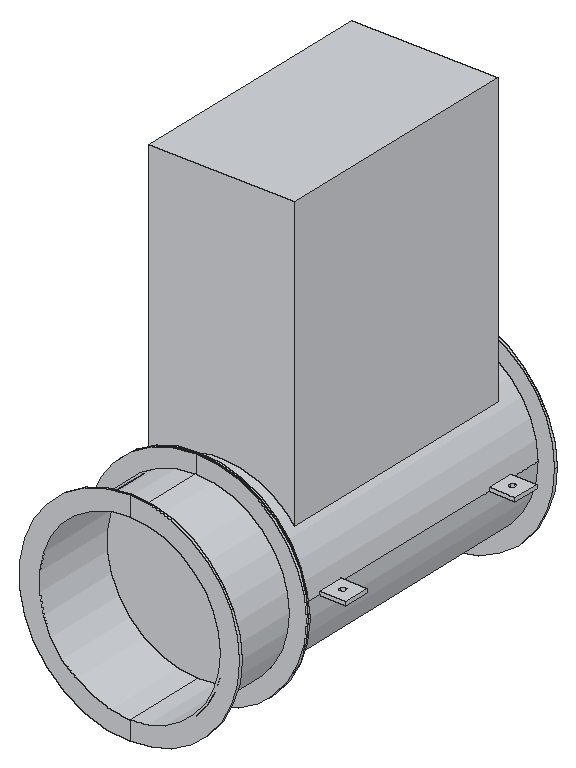
Revit family "AFBV-H_Horizontal_Ceiling_Mount", category Mechanical Equipment, Revit 2019
Family settings
  Round Connector Dimension = Use Radius
  Part Type = Normal
  Work Plane-Based = No
  Always vertical = Yes
  Cut with Voids When Loaded = No
  Shared = No
  Room Calculation Point = No
Parameters (values of type "12_AFBV-H_HOR_CEILING")
  VANE = 0' - 6"
  Unit Weight [instance] = ""
  ModelID [instance] = ""
  M/2 = M / 2  # 0' - 0 7/32"
  M = 0' - 0 7/16"
  L = 0' - 3 1/2"
  K/2 = K / 2  # 0' - 7 1/2"
  K = 1' - 3"
  J/2 = J / 2  # 0' - 7 1/2"
  J = 1' - 3"
  CENTER = 0' - 0"  # constant formula
  H-(A/2) = H - (A / 2)  # 1' - 6 3/16"
  H+J = H + CENTER  # 2' - 0 5/8"
  H = 2' - 0 5/8"
  Sones [instance] = ""
  Motor RPM [instance] = ""
  Motor Enclosure [instance] = ""
  LwA [instance] = ""
  G = 6' - 0"
  Fan RPM [instance] = ""
  F/2 = F / 2  # 0' - 0 5/32"
  F = 0' - 0 5/16"
  E/2 = E / 2  # 0' - 11"
  E-2" = E - 0' 2"  # 1' - 8"
  E = 1' - 10"
  C/2+J = C / 2 + CENTER  # 0' - 7 5/16"
  C/2 = C / 2  # 0' - 7 5/16"
  C = 1' - 2 5/8"
  B/2 = B / 2  # 0' - 7 13/16"
  B = 1' - 3 5/8"
  Accessories [instance] = ""
  A/3 = A / 2.5  # 0' - 5.15"
  A/2 = A / 2  # 0' - 6 7/16"
  A = 1' - 0 7/8"
  60 = 60.00°  # constant formula
  30 = 30.00°  # constant formula
  3" = 0' - 3"  # constant formula
  Brake Hp [instance] = ""
  4" = 0' - 4"  # constant formula
  2' = 2' - 0"
  2" = 0' - 2"  # constant formula
  1" = 0' - 1"  # constant formula
  0 = 0' - 0"  # constant formula
  Voltage [instance] = 0 V
  URL = "www.lorencook.com"
  Type Comments = "Tube Axial Fan Horizontal Ceiling Mount High Temperature Construction Belt Drive Arrangement 9"  # constant formula
  Static Pressure [instance] = 0.00 in-wg
  Power [instance] = Voltage * Motor FLA * sqrt(if(Phase = 3, 3, 1))  # 0 VA
  Phase [instance] = 0
  Number of Poles [instance] = 1
  Motor Hp [instance] = "0"
  Motor FLA [instance] = 0 A
  Model = "AFBV-H"  # constant formula
  Manufacturer = "Loren Cook Company"
  CFM [instance] = 0 CFM
  1.5 = 0' - 1 1/2"  # constant formula
  ONE EIGTH = 0' - 0 1/8"  # constant formula
  -E/2 = -E / 2  # -0' - 11"
  -(E-.25")/2 = -(E - 0' 0 1/4") / 2  # -0' - 10 7/8"
  (K/2)-((J-A-.25")/2) = (K / 2) - ((J - A - 0' 0 1/4") / 2)  # 0' - 6 9/16"
  (J-A-.25") = (J - A - 0' 0 1/4")  # 0' - 1 7/8"
  (H-(A/2))/2 = (H - (A / 2)) / 2  # 0' - 9 3/32"
  (E-.25")/2 = (E - 0' 0 1/4") / 2  # 0' - 10 7/8"
  (A+.25")/2 = (A + 0' 0 1/4") / 2  # 0' - 6 9/16"
Types (10): name | VANE | M/2 | M | L | K/2 | K | J/2 | J | H-(A/2) | H+J | H | F/2 | F | E/2 | E-2" | E | C/2+J | C/2 | C | B/2 | B | A/3 | A/2 | A | -E/2 | -(E-.25")/2 | (K/2)-((J-A-.25")/2) | (J-A-.25") | (H-(A/2))/2 | (E-.25")/2 | (A+.25")/2
  (no name) | 0' - 6" | 0' - 0 7/32" | 0' - 0 7/16" | 0' - 3 1/2" | 0' - 7 1/2" | 1' - 3" | 0' - 7 1/2" | 1' - 3" | 1' - 6 3/16" | 2' - 0 5/8" | 2' - 0 5/8" | 0' - 0 5/32" | 0' - 0 5/16" | 0' - 11" | 1' - 8" | 1' - 10" | 0' - 7 5/16" | 0' - 7 5/16" | 1' - 2 5/8" | 0' - 7 13/16" | 1' - 3 5/8" | 0' - 5.15" | 0' - 6 7/16" | 1' - 0 7/8" | -0' - 11" | -0' - 10 7/8" | 0' - 6 9/16" | 0' - 1 7/8" | 0' - 9 3/32" | 0' - 10 7/8" | 0' - 6 9/16"
  12_AFBV-H_HOR_CEILING | 0' - 6" | 0' - 0 7/32" | 0' - 0 7/16" | 0' - 3 1/2" | 0' - 7 1/2" | 1' - 3" | 0' - 7 1/2" | 1' - 3" | 1' - 6 3/16" | 2' - 0 5/8" | 2' - 0 5/8" | 0' - 0 5/32" | 0' - 0 5/16" | 0' - 11" | 1' - 8" | 1' - 10" | 0' - 7 5/16" | 0' - 7 5/16" | 1' - 2 5/8" | 0' - 7 13/16" | 1' - 3 5/8" | 0' - 5.15" | 0' - 6 7/16" | 1' - 0 7/8" | -0' - 11" | -0' - 10 7/8" | 0' - 6 9/16" | 0' - 1 7/8" | 0' - 9 3/32" | 0' - 10 7/8" | 0' - 6 9/16"
  16_AFBV-H_HOR_CEILING | 0' - 10" | 0' - 0 7/32" | 0' - 0 7/16" | 0' - 3 1/2" | 0' - 9" | 1' - 6" | 0' - 9 1/2" | 1' - 7" | 1' - 9 11/16" | 2' - 6 1/8" | 2' - 6 1/8" | 0' - 0 5/32" | 0' - 0 5/16" | 1' - 0 1/2" | 1' - 11" | 2' - 1" | 0' - 9 5/16" | 0' - 9 5/16" | 1' - 6 5/8" | 0' - 9 13/16" | 1' - 7 5/8" | 0' - 6 3/4" | 0' - 8 7/16" | 1' - 4 7/8" | -1' - 0 1/2" | -1' - 0 3/8" | 0' - 8 1/16" | 0' - 1 7/8" | 0' - 10 27/32" | 1' - 0 3/8" | 0' - 8 9/16"
  18_AFBV-H_HOR_CEILING | 0' - 11" | 0' - 0 7/32" | 0' - 0 7/16" | 0' - 3 1/2" | 0' - 9" | 1' - 6" | 0' - 10 1/2" | 1' - 9" | 1' - 9 11/16" | 2' - 7 1/8" | 2' - 7 1/8" | 0' - 0 5/32" | 0' - 0 5/16" | 1' - 0 1/2" | 1' - 11" | 2' - 1" | 0' - 10 5/16" | 0' - 10 5/16" | 1' - 8 5/8" | 0' - 10 13/16" | 1' - 9 5/8" | 0' - 7.55" | 0' - 9 7/16" | 1' - 6 7/8" | -1' - 0 1/2" | -1' - 0 3/8" | 0' - 8 1/16" | 0' - 1 7/8" | 0' - 10 27/32" | 1' - 0 3/8" | 0' - 9 9/16"
  24_AFBV-H_HOR_CEILING | 1' - 1" | 0' - 0 7/32" | 0' - 0 7/16" | 0' - 3 1/2" | 0' - 11 1/2" | 1' - 11" | 1' - 1 1/2" | 2' - 3" | 2' - 3 7/16" | 3' - 3 7/8" | 3' - 3 7/8" | 0' - 0 7/32" | 0' - 0 7/16" | 1' - 3 1/2" | 2' - 5" | 2' - 7" | 1' - 1 7/16" | 1' - 1 7/16" | 2' - 2 7/8" | 1' - 2 9/16" | 2' - 5 1/8" | 0' - 9.95" | 1' - 0 7/16" | 2' - 0 7/8" | -1' - 3 1/2" | -1' - 3 3/8" | 0' - 10 9/16" | 0' - 1 7/8" | 1' - 1 23/32" | 1' - 3 3/8" | 1' - 0 9/16"
  28_AFBV-H_HOR_CEILING | 1' - 1" | 0' - 0 7/32" | 0' - 0 7/16" | 0' - 4" | 0' - 11 1/2" | 1' - 11" | 1' - 3 1/2" | 2' - 7" | 2' - 3 7/16" | 3' - 5 7/8" | 3' - 5 7/8" | 0' - 0 7/32" | 0' - 0 7/16" | 1' - 3 1/2" | 2' - 5" | 2' - 7" | 1' - 3 7/16" | 1' - 3 7/16" | 2' - 6 7/8" | 1' - 4 9/16" | 2' - 9 1/8" | 0' - 11.55" | 1' - 2 7/16" | 2' - 4 7/8" | -1' - 3 1/2" | -1' - 3 3/8" | 0' - 10 9/16" | 0' - 1 7/8" | 1' - 1 23/32" | 1' - 3 3/8" | 1' - 2 9/16"
  32_AFBV-H_HOR_CEILING | 1' - 3" | 0' - 0 11/32" | 0' - 0 11/16" | 0' - 4 1/4" | 1' - 0 3/4" | 2' - 1 1/2" | 1' - 5 3/4" | 2' - 11 1/2" | 2' - 4 3/4" | 3' - 9 1/4" | 3' - 9 1/4" | 0' - 0 7/32" | 0' - 0 7/16" | 1' - 5" | 2' - 8" | 2' - 10" | 1' - 5 1/2" | 1' - 5 1/2" | 2' - 11" | 1' - 6 5/8" | 3' - 1 1/4" | 1' - 1.2" | 1' - 4 1/2" | 2' - 9" | -1' - 5" | -1' - 4 7/8" | 0' - 11 5/8" | 0' - 2 1/4" | 1' - 2 3/8" | 1' - 4 7/8" | 1' - 4 5/8"
  36_AFBV-H_HOR_CEILING | 1' - 4" | 0' - 0 11/32" | 0' - 0 11/16" | 0' - 4 1/4" | 1' - 0 3/4" | 2' - 1 1/2" | 1' - 7 9/16" | 3' - 3 1/8" | 2' - 4 3/4" | 3' - 11 1/4" | 3' - 11 1/4" | 0' - 0 7/32" | 0' - 0 7/16" | 1' - 5" | 2' - 8" | 2' - 10" | 1' - 7 1/2" | 1' - 7 1/2" | 3' - 3" | 1' - 8 11/16" | 3' - 5 3/8" | 1' - 2.8" | 1' - 6 1/2" | 3' - 1" | -1' - 5" | -1' - 4 7/8" | 0' - 11 13/16" | 0' - 1 7/8" | 1' - 2 3/8" | 1' - 4 7/8" | 1' - 6 5/8"
  14_AFBV-H_HOR_CEILING | 0' - 8" | 0' - 0 7/32" | 0' - 0 7/16" | 0' - 3 1/2" | 0' - 7 1/2" | 1' - 3" | 0' - 8 1/2" | 1' - 5" | 1' - 6 3/16" | 2' - 1 5/8" | 2' - 1 5/8" | 0' - 0 5/32" | 0' - 0 5/16" | 0' - 11" | 1' - 8" | 1' - 10" | 0' - 8 5/16" | 0' - 8 5/16" | 1' - 4 5/8" | 0' - 8 13/16" | 1' - 5 5/8" | 0' - 5.95" | 0' - 7 7/16" | 1' - 2 7/8" | -0' - 11" | -0' - 10 7/8" | 0' - 6 9/16" | 0' - 1 7/8" | 0' - 9 3/32" | 0' - 10 7/8" | 0' - 7 9/16"
  20_AFBV-H_HOR_CEILING | 1' - 0" | 0' - 0 7/32" | 0' - 0 7/16" | 0' - 3 1/2" | 1' - 0" | 2' - 0" | 0' - 11 1/2" | 1' - 11" | 1' - 9 11/16" | 2' - 8 1/8" | 2' - 8 1/8" | 0' - 0 7/32" | 0' - 0 7/16" | 1' - 3 1/2" | 2' - 5" | 2' - 7" | 0' - 11 3/16" | 0' - 11 3/16" | 1' - 10 3/8" | 0' - 11 13/16" | 1' - 11 5/8" | 0' - 8.35" | 0' - 10 7/16" | 1' - 8 7/8" | -1' - 3 1/2" | -1' - 3 3/8" | 0' - 11 1/16" | 0' - 1 7/8" | 0' - 10 27/32" | 1' - 3 3/8" | 0' - 10 9/16"
Reference planes (in)
  plane 1 "Center (Front/Back)": y = 0
  plane 2: z = 0
  plane 3 "Center (Left/Right)": x = 0.40541
Forms (in)
  Extrusion 1, solid
    sketch origin (0, 0, 0) x (1, 0, 0) y (0, 0, 1)
      loop
        circle (0.40541, 0) r 7.8125
    from 11 <- "E/2" to -11 <- "-E/2"
  Extrusion 2, void
    sketch origin (0, 0, 0) x (1, 0, 0) y (0, 0, 1)
      loop
        circle (0.40541, 0) r 7.8125
      loop
        circle (0.40541, 0) r 6.5625
    from 10.875 <- "(E-.25")/2" to -10.875 <- "-(E-.25")/2"
  Extrusion 3, solid
    sketch origin (0, -10.875, 0) x (-1, 0, 0) y (0, 0, 1)
      loop
        line (4.74459, 4.06742) -> (4.74459, 24.625) -> (-5.55541, 24.625) -> (-5.55541, 4.06742)
        arc (-5.55541, 4.06742) -> (-0.40541, 6.5625) -> (4.74459, 4.06742) r 6.5625
    from 2 to 20 <- "E-2""
  Extrusion 4, solid
    sketch origin (0, 0, 0) x (1, 0, 0) y (0, 1, 0)
      loop
        line (6.96791, 8.4375) -> (6.96791, 6.5625) -> (8.84291, 6.5625) -> (8.84291, 8.4375) -> (6.96791, 8.4375)
      loop
        line (6.96791, -8.4375) -> (8.84291, -8.4375) -> (8.84291, -6.5625) -> (6.96791, -6.5625) -> (6.96791, -8.4375)
      loop
        line (-6.15709, -8.4375) -> (-6.15709, -6.5625) -> (-8.03209, -6.5625) -> (-8.03209, -8.4375) -> (-6.15709, -8.4375)
      loop
        line (-6.15709, 8.4375) -> (-8.03209, 8.4375) -> (-8.03209, 6.5625) -> (-6.15709, 6.5625) -> (-6.15709, 8.4375)
    from 0 to 0.25
  Extrusion 5, void
    sketch origin (0, 0, 0) x (1, 0, 0) y (0, 1, 0)
      loop
        circle (7.90541, 7.5) r 0.21875
      loop
        circle (-7.09459, 7.5) r 0.21875
      loop
        circle (-7.09459, -7.5) r 0.21875
      loop
        circle (7.90541, -7.5) r 0.21875
    from 0 to 0.25
  Revolve 6, solid
    sketch origin (0.40541, 0, 0) x (0, 1, 0) y (0, 0, 1)
      loop
        line (-11, 7.8125) -> (-11.125, 7.8125) -> (-11.125, 6.5625) -> (-16.875, 6.5625) -> (-16.875, 7.8125) -> (-17, 7.8125) -> (-17, 6.4375) -> (-11, 6.4375) -> (-11, 7.8125)
      axis (-17, 0) -> (-11, 0)
    angle from 0 to 360
Cuts and joins
  Extrusion 2, Extrusion 5 cuts Extrusion 1
  Extrusion 5 cuts Extrusion 4
Dimensions and locks (in)
  "0": Extrusion 1 sketch curve to plane 3 "Center (Left/Right)"
  "CENTER": Extrusion 1 sketch curve to level
  "0": Extrusion 2 sketch curve to plane 3 "Center (Left/Right)"  (x2)
  "CENTER": Extrusion 2 sketch curve to level  (x2)
  "0": Extrusion 3 sketch curve to plane 3 "Center (Left/Right)"
  "CENTER": Extrusion 3 sketch curve to level
  "H+J": Extrusion 3 sketch curve to level
  "A/3": plane 3 "Center (Left/Right)" to Extrusion 3 sketch curve  (x2)
  "(J-A-.25")": Extrusion 4 sketch curve to Extrusion 4 sketch curve  (x8)
  "(A+.25")/2": plane 3 "Center (Left/Right)" to Extrusion 4 sketch curve  (x4)
  "(K/2)-((J-A-.25")/2)": plane 1 "Center (Front/Back)" to Extrusion 4 sketch curve  (x4)
  "J/2": plane 3 "Center (Left/Right)" to Extrusion 5 sketch curve  (x4)
  "K/2": plane 1 "Center (Front/Back)" to Extrusion 5 sketch curve  (x4)
  "0": Revolve 6 sketch curve to level
  "(A+.25")/2": Revolve 6 sketch curve to level
  "B/2": Revolve 6 sketch curve to level  (x2)
  "VANE": Revolve 6 sketch curve to Revolve 6 sketch curve
  "0": cut or joined group of Extrusion 1, Extrusion 2, Extrusion 5 to Revolve 6 sketch curve
  "ONE EIGTH": Revolve 6 sketch curve to Revolve 6 sketch curve  (x3)
  "B/2": radius of Extrusion 1 sketch curve
  "(A+.25")/2": radius of Extrusion 2 sketch curve
  "B/2": radius of Extrusion 2 sketch curve
  "(A+.25")/2": radius of Extrusion 3 sketch curve
  "M/2": radius of Extrusion 5 sketch curve  (x4)
Automatic sketch dimensions
  Extrusion 3 sketch curve to Extrusion 3 sketch curve = 0' - 0"
  plane 1 "Center (Front/Back)" to Revolve 6 sketch curve = 0' - 6 29/64"
  Revolve 6 sketch curve to plane 1 "Center (Front/Back)" = 1' - 0 35/64"
Connectors (in)
  electrical at (5.55541, 0.125, 14.34621)
    settings: on Extrusion 3, index 1, voltage 0 V, apparent load 0 VA, apparent load phase1 0 VA, apparent load phase2 0 VA, apparent load phase3 0 VA, power factor 1, load classification "Other", number of poles 1, system type 30, power factor state 1, is connector primary yes, connector utility no, sub classification motor no, connector description ""
  hvac at (0.40541, 11, 0), driven by "A/2"
    settings: on cut or joined group of Extrusion 1, Extrusion 2, Extrusion 5, index 3, duct flow 0 CFM, flow factor 0, pres drop 0.00 in-wg, loss coef 0, conn angle 0.00°, conn width 12", conn height 12", conn diameter 12 7/8", duct sys type 29, conn prof type 0, flow config 0, flow direction 1, loss method 0, conn ref index -1, conn util no, is conn primary yes, conn desc ""
  hvac at (0.40541, -17, 0), driven by "A/2"
    settings: on Revolve 6, index 4, duct flow 0 CFM, flow factor 0, pres drop 0.00 in-wg, loss coef 0, conn angle 0.00°, conn width 12", conn height 12", conn diameter 12 7/8", duct sys type 29, conn prof type 0, flow config 0, flow direction 2, loss method 0, conn ref index -1, conn util no, is conn primary no, conn desc ""
